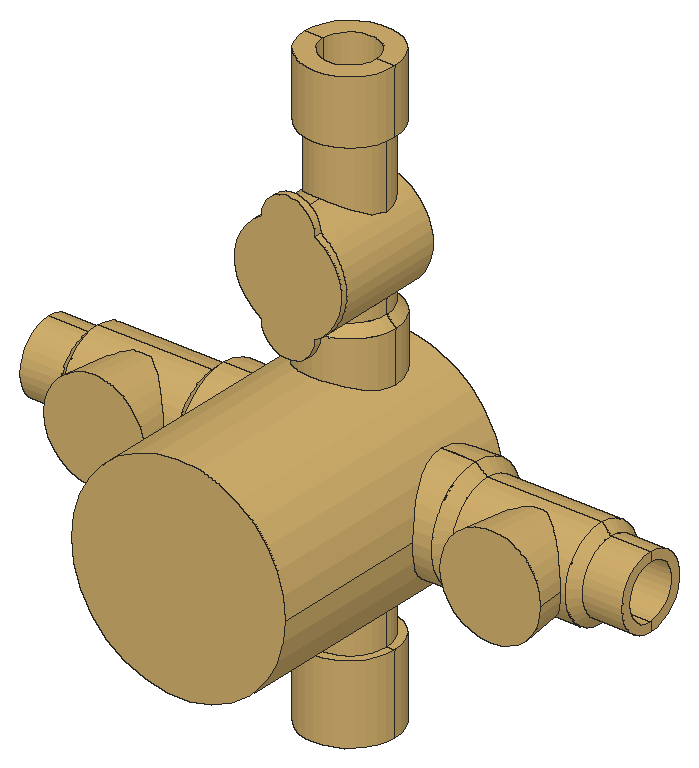
Revit family "Rough-In_Valve-Temperature_Control-American Standard-R116SS", category Pipe Accessories, Revit 2019
Family settings
  Round Connector Dimension = Use Diameter
  Part Type = Normal
  OmniClass Number = 23.65.55.14.24
  OmniClass Title = Mixing Valves for Liquid Services
  Work Plane-Based = Yes
  Always vertical = Yes
  Cut with Voids When Loaded = No
  Shared = Yes
Parameters (values of type "R116SS")
  URL = "https://www.americanstandard.ca/"
  Product URL = "https://www.americanstandard.ca/Pressure-Balance-Valves-and-Trims/Temperature-Control-Rough-In-Valve-With-Integral-Diverter/NO-FINISH-R116SS?gad_source=1&gclid=CjwKCAiAp5qsBhAPEiwAP0qeJg7xIQhaMgCnuz85E0dGV3MJ2I-L-1eDovKwQR1fQTyZDiVmDhYMtxoC4eEQAvD_BwE"
  Product Documentation Link = "http://www.americanstandard-us.com/assets/documents/amstd/spec/SpecSheet_2061.pdf"
  Model = "R166SS"
  Material = Cast Iron
  Manufacturer = "American Standard"
  Installation Instruction Link = "https://lixil.cdn.celum.cloud/138541_R116SS_P_rough_valve_M968687_EN_original.pdfhttps://lixil.cdn.celum.cloud/138789_R116SS_P_rough_valve_M968687_EN_FR_original.pdfhttps://lixil.cdn.celum.cloud/139019_R116SS_P_rough_valve_M968687_ENSP_original.pdf"
  Description = "Pressure Balance Rough Valve Body with Built-In Diverter & Screwdriver stops. LESS Trim."
  Default Elevation = 0"
  Creation Date = "10/24/14"  # constant formula
  Assembly Code = "D2020300"
Reference planes
  plane 1 "Center (Front/Back)": y = 0
  plane 2: z = 0
  plane 3 "Center (Left/Right)": x = 0
  plane 4: x = 6.35
  plane 5: x = -6.35
  plane 6: z = 6.35
  plane 7: z = -6.35
  plane 8: x = -71.437
  plane 9: x = 71.438
  plane 10: z = -52.388
  plane 11: z = 90.487
  plane 12: z = 46.037
Forms (mm)
  Revolve 1, solid, material "Cast Iron" <- "Material"
    sketch origin (0, 50.8, -52.388) x (1, 0, 0) y (0, 0, 1)
      loop
        line (-6.35, 0) -> (-6.35, 142.875) -> (-10.708, 142.875) -> (-10.708, 127.772) -> (-8.766, 127.772) -> (-8.766, 89.415) -> (-10.99, 87.191) -> (-10.99, 52.387) -> (-10.99, 28.697) -> (-8.766, 26.472) -> (-8.766, 18.675) -> (-10.708, 18.675) -> (-10.708, 0) -> (-6.35, 0)
      axis (0, 142.875) -> (0, 0)
    angle from 0 to 360
  Revolve 2, solid, material "Cast Iron" <- "Material"
    sketch origin (48.435, 50.8, 0) x (0, 0, 1) y (-1, 0, 0)
      loop
        line (-6.35, -23.002) -> (-6.35, 119.873) -> (-8.529, 119.873) -> (-8.529, 110.348) -> (-10.708, 108.169) -> (-10.708, 80.982) -> (-13.215, 78.476) -> (-13.215, 52.387) -> (-13.215, 18.394) -> (-10.708, 15.888) -> (-10.708, -11.298) -> (-8.529, -13.477) -> (-8.529, -23.002) -> (-6.35, -23.002)
      axis (0, 119.873) -> (0, -23.002)
    angle from 0 to 360
  Extrusion 3, solid, material "Cast Iron" <- "Material"
    sketch origin (0, 50.8, -52.388) x (1, 0, 0) y (0, 0, 1)
      loop
        circle (0, 52.388) r 25.4
    from -14.057 to 50.8
  Blend 4, solid, material "Cast Iron" <- "Material"
    base sketch origin (0, 50.8, -52.388) x (1, 0, 0) y (0, 0, 1)
      loop
        circle (-47.069, 52.388) r 10.213
    top sketch origin (0, 50.8, -52.388) x (1, 0, 0) y (0, 0, 1)
      loop
        circle (-47.069, 52.388) r 11.98
    from 0 to 17.002
  Blend 5, solid, material "Cast Iron" <- "Material"
    base sketch origin (0, 50.8, -52.388) x (-1, 0, 0) y (0, 0, -1)
      loop
        circle (-47.069, -52.388) r 10.213
    top sketch origin (0, 50.8, -52.388) x (-1, 0, 0) y (0, 0, -1)
      loop
        circle (-47.069, -52.388) r 11.98
    from 0 to 17.002
  Revolve 6, solid, material "Cast Iron" <- "Material"
    sketch origin (0, 0, 0) x (0, 1, 0) y (0, 0, 1)
      loop
        line (59.566, 37.028) -> (59.566, 49.728) -> (34.166, 49.728) -> (34.166, 37.028) -> (59.566, 37.028)
      axis (59.566, 49.728) -> (34.166, 49.728)
    angle from 0 to 360
  Extrusion 7, solid, material "Cast Iron" <- "Material"
    sketch origin (0, 0, 0) x (1, 0, 0) y (0, 0, 1)
      loop
        arc (-6.35, 38.729) -> (0, 32.379) -> (6.35, 38.729) r 6.35
        arc (6.35, 38.729) -> (12.7, 49.728) -> (6.35, 60.726) r 12.7
        arc (6.35, 60.726) -> (0, 67.076) -> (-6.35, 60.726) r 6.35
        arc (-6.35, 60.726) -> (-12.7, 49.728) -> (-6.35, 38.729) r 12.7
    from -34.166 to -32.573
Cuts and joins
  joined: Revolve 1, Revolve 2, Extrusion 3, Blend 4, Blend 5, Revolve 6, Extrusion 7
Dimensions and locks
  aligned and locked: Extrusion 7 to cut or joined group of Revolve 1, Revolve 2, Extrusion 3, Blend 4, Blend 5, Revolve 6, Extrusion 7
Connectors
  piping at (71.438, 50.8, 0), diameter 12.7
    settings: on Revolve 2, index 1, connector inside diameter 1/2", connector length 0", flow factor 0, pipe flow 0 GPM, pressure drop 0.00 psi, fitting loss kfactor 0, connector angle 0.00°, fixture units 0, engagement length 0", angle of deflection 0.00°, flow configuration 0, flow direction 1, fitting loss method 0, system type 20, joint type 0, gender type 0, connector reference index -1, connector utility 0, adjustable connector no, is connector primary yes, connector description "1/2\" Cold Water Connection"
  piping at (-71.437, 50.8, 0), diameter 12.7
    settings: on Revolve 2, index 2, connector inside diameter 1/2", connector length 0", flow factor 0, pipe flow 0 GPM, pressure drop 0.00 psi, fitting loss kfactor 0, connector angle 0.00°, fixture units 0, engagement length 0", angle of deflection 0.00°, flow configuration 0, flow direction 1, fitting loss method 0, system type 19, joint type 0, gender type 0, connector reference index -1, connector utility 0, adjustable connector no, is connector primary no, connector description "1/2\" Hot Water Connection"
  piping at (-71.437, 50.8, 0), diameter 12.7
    settings: on Revolve 2, index 3, connector inside diameter 1/2", connector length 0", flow factor 0, pipe flow 0 GPM, pressure drop 0.00 psi, fitting loss kfactor 0, connector angle 0.00°, fixture units 0, engagement length 0", angle of deflection 0.00°, flow configuration 0, flow direction 1, fitting loss method 0, system type 19, joint type 0, gender type 0, connector reference index -1, connector utility 0, adjustable connector no, is connector primary no, connector description "1/2\" Hot Water Connection"
